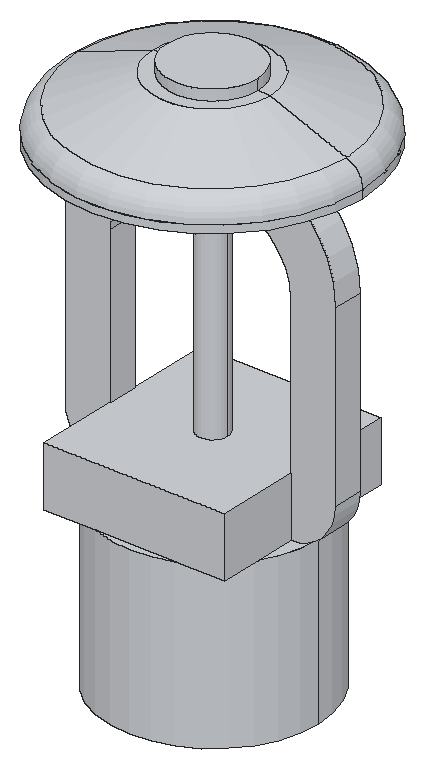
Revit family
Parameters (values of type "RASCO F156-300 UPRIGHT")
  URL = ""
  Temperature Rating = 200 °F
  Response = (empty or 0)
  RASCO SIN # = "RA2525"
  RASCO Part # = "F56U2B3"
  Pressure Rating = "300 PSI"
  Pressure Class = 1
  Orifice Size = 1/2"
  Orifice = (empty or 0)
  Model = "F156-300"
  Manufacturer = "RASCO"
  K-Factor = 5.6
  Description = "Bronze Finish"
  Coverage = (empty or 0)
Reference planes (in)
  plane 1 "Center (Front/Back)": y = 0
  plane 2: z = 0
  plane 3 "Center (Left/Right)": x = 0
Nested families (in)
  nested 1: "F56U2B3" at (0, 0, 0), type "RASCO F156-300 UPRIGHT"
Connectors (in)
  piping at (0, 0, 0)
    settings: on nested 1, index 1, connector radius 55/128", flow factor 0, pipe flow 0 GPM, pressure drop 0.00 psi, fitting loss kfactor 0, connector angle 0.00°, fixture units 0, flow configuration 0, flow direction 0, fitting loss method 0, system type 7, connector reference index -1, connector utility 0, adjustable connector no, is connector primary yes, fitting loss table "", connector description ""
Definition of nested family "F56U2B3"
  Parameters (values of type "RASCO F156-300 UPRIGHT")
    Type Comments = ""
    Temperature Rating = 0 °F
    Response = (empty or 0)
    Pressure Rating = "0"
    Pressure Class = (empty or 0)
    Orifice Size = 0"
    Orifice = (empty or 0)
    Model = ""
    Manufacturer = ""
    K-Factor = 0
    Description = ""
    Coverage = (empty or 0)
    Assembly Code = ""
  Reference planes (in)
    plane 1 "Center (Front/Back)": y = 0
    plane 2: z = 0
    plane 3 "ref.2": z = 0.6875
    plane 4 "ref.3": z = 0.9375
    plane 5: x = -0.38065
    plane 6: x = 0.36935
    plane 7 "ref. side 1": y = 0.06402
    plane 8 "ref. side 2": y = -0.06098
    plane 9 "ref.4": z = 1.875
    plane 10 "ref.5": z = 2.3125
    plane 11 "ref.6": z = 2.4375
  Forms (in)
    Extrusion 1, solid
      sketch origin (0, 0, 0) x (1, 0, 0) y (0, 1, 0)
        loop
          circle (0, 0) r 0.4375
      from 0 to 0.6875
    Extrusion 2, solid
      sketch origin (-0.12185, 0.05177, 0.6875) x (1, 0, 0) y (0, 1, 0)
        loop
          line (-0.2588, 0.356) -> (-0.2588, -0.4565) -> (0.4912, -0.4565) -> (0.4912, 0.356) -> (-0.2588, 0.356)
      from 0 to 0.25
    Extrusion 3, solid
      sketch origin (0, 0, 0) x (1, 0, 0) y (0, 0, 1)
        loop
          line (-0.38065, 0.68754) -> (-0.38065, 1.58397)
          arc (-0.38065, 1.58397) -> (-0.29541, 1.78976) -> (-0.08962, 1.875) r 0.29103
          line (-0.08962, 1.875) -> (0.07524, 1.875)
          arc (0.07524, 1.875) -> (0.28321, 1.78886) -> (0.36935, 1.58089) r 0.29411
          line (0.36935, 1.58089) -> (0.36935, 0.68751)
          arc (0.36935, 0.68751) -> (0.50207, 0.74393) -> (0.55685, 0.87734) r 0.18984
          line (0.55685, 0.87734) -> (0.55685, 1.61676)
          arc (0.55685, 1.61676) -> (0.42629, 1.93194) -> (0.11111, 2.0625) r 0.44574
          line (0.11111, 2.0625) -> (-0.12259, 2.0625)
          arc (-0.12259, 2.0625) -> (-0.43765, 1.932) -> (-0.56815, 1.61694) r 0.44556
          line (-0.56815, 1.61694) -> (-0.56815, 0.87876)
          arc (-0.56815, 0.87876) -> (-0.51345, 0.74486) -> (-0.38065, 0.68754) r 0.19126
      from -0.06402 to 0.06098
    Extrusion 4, solid
      sketch origin (0, 0, 0.9375) x (-1, 0, 0) y (0, -1, 0)
        loop
          circle (0.00574, -0.00152) r 0.0625
      from 0 to 0.9375
    Extrusion 5, solid
      sketch origin (0, 0, 1.875) x (-1, 0, 0) y (0, -1, 0)
        loop
          circle (0.00574, -0.00152) r 0.1875
      from 0 to 0.4375
    Revolve 6, solid
      sketch origin (0, 0, -0.31276) x (1, 0, 0) y (0, 0, 1)
        loop
          line (-0.19324, 2.33367) -> (-0.19324, 2.58367) -> (-0.24995, 2.58367) -> (-0.56395, 2.46314)
          arc (-0.56395, 2.46314) -> (-0.61243, 2.42492) -> (-0.63074, 2.36595) r 0.1041
          line (-0.63074, 2.36595) -> (-0.63074, 2.33367) -> (-0.19324, 2.33367)
        axis (-0.00574, 2.33367) -> (-0.00574, 2.58367)
      angle from 0 to 360
  Cuts and joins
    joined: Extrusion 1, Extrusion 2, Extrusion 4, Revolve 6
  Lines and regions (in)
    model lines
      curve 1: line (-0.00574, 0.06402, 1.875) -> (-0.00574, -0.06098, 1.875)
